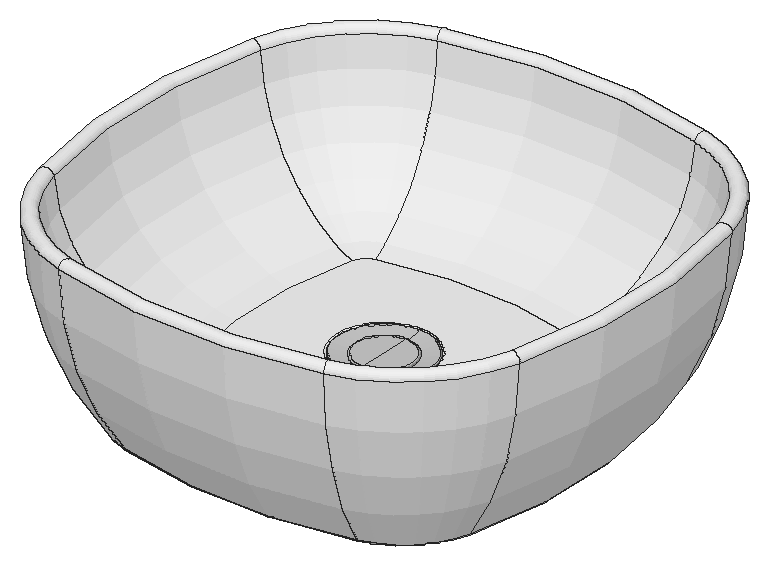
Revit family
Parameters
  Width = 405 mm  # constant formula
  Waste Connection Radius = Waste Connection Diameter / 2  # 20 mm
  Waste Connection = 1 = 1  # yes
  Vent Connection = 1 = 0  # no
  URL = "www.vaalsan.co.za"
  Product Code = "704900"
  Omniclass Title = "Sinks/Lavatories"
  Omniclass Number = "23.45.05.14.14"
  Model = "HR Symmetry Square Basin"
  Manufacturer = "Vaal Sanitaryware"  # constant formula
  Depth = 405 mm  # constant formula
  Height = 150 mm  # constant formula
  HW Connection = 1 = 0  # no
  Family created by = "www.rbuiltcomponents.com"
  Waste Connection Diameter = 40 mm  # constant formula
  CW Connection = 1 = 0  # no
  Body Finish = Vitreous China-Vaal-White
  Assembly Code = "D2010310"
Reference planes
  plane 1 "Bottom": z = 0
  plane 2 "Center (Left/Right)": x = -7.5
  plane 3: x = -210
  plane 4: x = 195
  plane 5 "Top": z = 150
  plane 6 "Front": y = -368
  plane 7 "Back": y = 37
  plane 8 "Center (Front/Back)": y = -165.5
Forms (mm)
  Sweep 1, solid, material "Vitreous China-Vaal-White" <- "Body Finish"
    path origin (0, 0, 0) x (1, 0, 0) y (0, 1, 0)
      loop
        arc (-196.491, -269.228) -> (-165.347, -323.347) -> (-111.228, -354.491) r 120
        arc (-111.228, -354.491) -> (-7.5, -368) -> (96.228, -354.491) r 405
        arc (96.228, -354.491) -> (150.347, -323.347) -> (181.491, -269.228) r 120
        arc (181.491, -269.228) -> (195, -165.5) -> (181.491, -61.772) r 405
        arc (181.491, -61.772) -> (150.347, -7.653) -> (96.228, 23.491) r 120
        arc (96.228, 23.491) -> (-7.5, 37) -> (-111.228, 23.491) r 405
        arc (-111.228, 23.491) -> (-165.347, -7.653) -> (-196.491, -61.772) r 120
        arc (-196.491, -61.772) -> (-210, -165.5) -> (-196.491, -269.228) r 405
    profile origin (-210, -165.5, 0) x (-1, 0, 0) y (0, 0, 1)
      loop
        arc (-0.074, 143.987) -> (-5.628, 149.925) -> (-11.662, 144.475) r 5.8
        arc (-11.662, 144.475) -> (-42.706, 73.035) -> (-112.5, 38.449) r 113.458
        line (-112.5, 38.449) -> (-112.5, 24) -> (-110, 24)
        arc (-110, 24) -> (-95.858, 18.142) -> (-90, 4) r 20
        line (-90, 4) -> (-90, 0) -> (-54.103, 0)
        arc (-54.103, 0) -> (-51.889, 0.517) -> (-50.132, 1.962) r 5
        arc (-50.132, 1.962) -> (-13.853, 69.009) -> (-0.074, 143.987) r 243.595
  Extrusion 2, solid, material "Vitreous China-Vaal-White" <- "Body Finish"
    sketch origin (0, 0, 0) x (1, 0, 0) y (0, 1, 0)
      loop
        arc (-109.493, -246.177) -> (-101.707, -259.707) -> (-88.177, -267.493) r 30
        arc (-88.177, -267.493) -> (-7.5, -278) -> (73.177, -267.493) r 315
        arc (73.177, -267.493) -> (86.707, -259.707) -> (94.493, -246.177) r 30
        arc (94.493, -246.177) -> (105, -165.5) -> (94.493, -84.823) r 315
        arc (94.493, -84.823) -> (86.707, -71.293) -> (73.177, -63.507) r 30
        arc (73.177, -63.507) -> (-7.5, -53) -> (-88.177, -63.507) r 315
        arc (-88.177, -63.507) -> (-101.707, -71.293) -> (-109.493, -84.823) r 30
        arc (-109.493, -84.823) -> (-120, -165.5) -> (-109.493, -246.177) r 315
    from 24 to 40
  Revolve 3, solid, material "Vitreous China-Vaal-White" <- "Body Finish"
    sketch origin (0, -165.5, 0) x (1, 0, 0) y (0, 0, 1)
      loop
        line (-7.5, 24) -> (-51.5, 24)
        arc (-51.5, 24) -> (-43.015, 20.485) -> (-39.5, 12) r 12
        line (-39.5, 12) -> (-39.5, 11)
        arc (-39.5, 11) -> (-38.914, 9.586) -> (-37.5, 9) r 2
        line (-37.5, 9) -> (-7.5, 9) -> (-7.5, 24)
      axis (-7.5, 24) -> (-7.5, 9)
    angle from 0 to 360
  Revolve 4, void
    sketch origin (0, -165.5, 0) x (1, 0, 0) y (0, 0, 1)
      loop
        line (-7.5, 40) -> (-44.328, 40)
        arc (-44.328, 40) -> (-43.563, 39.848) -> (-42.914, 39.414) r 2
        line (-42.914, 39.414) -> (-27.5, 24) -> (-27.5, 0) -> (-7.5, 0) -> (-7.5, 40)
      axis (-7.5, 40) -> (-7.5, 0)
    angle from 0 to 360
  Revolve 5, solid, material "Chrome"
    sketch origin (-7.5, 0, 0) x (0, 1, 0) y (0, 0, 1)
      loop
        line (-165.5, 36.138) -> (-165.5, 39.656) -> (-186.811, 39.656)
        arc (-186.811, 39.656) -> (-187.758, 38.977) -> (-187.418, 37.861) r 1
        line (-187.418, 37.861) -> (-200.306, 40.095)
        arc (-200.306, 40.095) -> (-200.881, 39.706) -> (-200.513, 39.117) r 0.5
        line (-200.513, 39.117) -> (-188.563, 36.138) -> (-165.5, 36.138)
      axis (-165.5, 36.138) -> (-165.5, 40.095)
    angle from 0 to 360
Cuts and joins
  Revolve 4 cuts Extrusion 2
  Revolve 4 cuts Revolve 3
  joined: Extrusion 2, Revolve 3
  Revolve 4 cuts Sweep 1
Lines and regions (mm)
  Masking region 1
    outline origin (0, 0, 150) x (-1, 0, 0) y (0, -1, 0)
      loop
        arc (196.491, 269.228) -> (165.347, 323.347) -> (111.228, 354.491) r 120
        arc (111.228, 354.491) -> (7.5, 368) -> (-96.228, 354.491) r 405
        arc (-96.228, 354.491) -> (-150.347, 323.347) -> (-181.491, 269.228) r 120
        arc (-181.491, 269.228) -> (-195, 165.5) -> (-181.491, 61.772) r 405
        arc (-181.491, 61.772) -> (-150.347, 7.653) -> (-96.228, -23.491) r 120
        arc (-96.228, -23.491) -> (7.5, -37) -> (111.228, -23.491) r 405
        arc (111.228, -23.491) -> (165.347, 7.653) -> (196.491, 61.772) r 120
        arc (196.491, 61.772) -> (210, 165.5) -> (196.491, 269.228) r 405
  Masking region 2
    outline origin (0, 37, 0) x (1, 0, 0) y (0, 0, 1)
      loop
        arc (-204.917, 150) -> (-208.5, 148.488) -> (-209.915, 144.865) r 5
        arc (-209.915, 144.865) -> (-195.821, 69.361) -> (-159.017, 1.945) r 244.718
        arc (-159.017, 1.945) -> (-157.264, 0.513) -> (-155.059, 0) r 5
        line (-155.059, 0) -> (140.059, 0)
        arc (140.059, 0) -> (142.264, 0.513) -> (144.017, 1.945) r 5
        arc (144.017, 1.945) -> (180.821, 69.361) -> (194.915, 144.865) r 244.718
        arc (194.915, 144.865) -> (193.5, 148.488) -> (189.917, 150) r 5
        line (189.917, 150) -> (-204.917, 150)
  Masking region 3
    outline origin (-7.5, 0, 0) x (0, 1, 0) y (0, 0, 1)
      loop
        line (31.951, 150) -> (-362.951, 150)
        arc (-362.951, 150) -> (-366.522, 148.499) -> (-367.949, 144.897) r 5
        arc (-367.949, 144.897) -> (-354.082, 69.277) -> (-317.017, 1.919) r 240.038
        arc (-317.017, 1.919) -> (-315.27, 0.505) -> (-313.079, 0) r 5
        line (-313.079, 0) -> (-17.921, 0)
        arc (-17.921, 0) -> (-15.73, 0.505) -> (-13.983, 1.919) r 5
        arc (-13.983, 1.919) -> (23.082, 69.277) -> (36.949, 144.897) r 240.038
        arc (36.949, 144.897) -> (35.522, 148.499) -> (31.951, 150) r 5
  symbolic lines, style "Basin", detail levels fine
    curve 1: circle (-7.5, -165.5, 150) r 20 normal (0, 0, 1)
    curve 2: circle (-7.5, -165.5, 0) r 37.5 normal (0, 0, -1)
  symbolic lines
    curve 3: arc (93.667, 13.825, 0) -> (-7.5, 27, 0) -> (-108.667, 13.825, 0) r 395
    curve 4: arc (-108.667, 13.825, 0) -> (-158.276, -14.724, 0) -> (-186.825, -64.333, 0) r 110
    curve 5: arc (-186.825, -64.333, 0) -> (-200, -165.5, 0) -> (-186.825, -266.667, 0) r 395
    curve 6: arc (-186.825, -266.667, 0) -> (-158.276, -316.276, 0) -> (-108.667, -344.825, 0) r 110
    curve 7: arc (-108.667, -344.825, 0) -> (-7.5, -358, 0) -> (93.667, -344.825, 0) r 395
    curve 8: arc (93.667, -344.825, 0) -> (143.276, -316.276, 0) -> (171.825, -266.667, 0) r 110
    curve 9: arc (171.825, -266.667, 0) -> (185, -165.5, 0) -> (171.825, -64.333, 0) r 395
    curve 10: arc (171.825, -64.333, 0) -> (143.276, -14.724, 0) -> (93.667, 13.825, 0) r 110
Dimensions and locks
  equal spacing: plane 3, plane 2 "Center (Left/Right)", plane 4
  locked: plane 3 to plane 4 at 405
  locked: plane 6 "Front" to plane 7 "Back" at 405
  locked: plane 5 "Top" to plane 1 "Bottom" at 150
  equal spacing: plane 6 "Front", plane 8 "Center (Front/Back)", plane 7 "Back"
  aligned and locked: Extrusion 2 to Sweep 1
  aligned and locked: Extrusion 2 sketch curve to Sweep 1  (x4)
  aligned and locked: Extrusion 2 to Revolve 3 sketch curve
  aligned and locked: Masking region 2 to Revolve 3 sketch curve
  aligned and locked: Revolve 3 sketch curve to plane 2 "Center (Left/Right)"
  aligned and locked: Revolve 3 sketch curve to Extrusion 2
  aligned and locked: Revolve 4 sketch curve to plane 2 "Center (Left/Right)"
  aligned and locked: Revolve 4 sketch curve to cut or joined group of Extrusion 2, Revolve 3, Revolve 4
  aligned and locked: plane 8 "Center (Front/Back)" to Revolve 5 sketch curve
  aligned and locked: Masking region 3 sketch curve to plane 5 "Top"
  aligned and locked: level to Masking region 3 sketch curve
Automatic sketch dimensions
  curve 1 to plane 2 "Center (Left/Right)" = 0 mm
  plane 7 "Back" to curve 1 = 202.5 mm
  Sweep 1 sketch curve to plane 3 = 0 mm
  Sweep 1 sketch curve to plane 2 "Center (Left/Right)" = 0 mm  (x2)
  Sweep 1 sketch curve to plane 4 = 0 mm
  Sweep 1 sketch curve to plane 6 "Front" = 0 mm
  Sweep 1 sketch curve to plane 8 "Center (Front/Back)" = 0 mm  (x2)
  Sweep 1 sketch curve to plane 7 "Back" = 0 mm
  plane 3 to Sweep 1 sketch curve = 13.509 mm  (x2)
  Sweep 1 sketch curve to Sweep 1 sketch curve = 0 mm  (x7)
  plane 7 "Back" to Sweep 1 sketch curve = 13.509 mm  (x2)
  Sweep 1 sketch curve to plane 6 "Front" = 13.509 mm  (x2)
  plane 3 to Sweep 1 sketch curve = 98.772 mm
  plane 2 "Center (Left/Right)" to Sweep 1 sketch curve = 72.994 mm  (x2)
  Sweep 1 sketch curve to plane 4 = 13.509 mm
  Sweep 1 sketch curve to plane 1 "Bottom" = 0 mm
  plane 1 "Bottom" to Sweep 1 sketch curve = 149.984 mm
  profile plane to Sweep 1 sketch curve = 243.595 mm
  Sweep 1 sketch curve to Sweep 1 sketch curve = 118.676 mm
  plane 1 "Bottom" to Sweep 1 sketch curve = 38.449 mm
  profile plane to Sweep 1 sketch curve = 112.5 mm
  plane 1 "Bottom" to Sweep 1 sketch curve = 4 mm
  Sweep 1 sketch curve to Sweep 1 sketch curve = 2.5 mm
  Sweep 1 sketch curve to Sweep 1 sketch curve = 20 mm
  Sweep 1 sketch curve to Sweep 1 sketch curve = 35.897 mm
  plane 1 "Bottom" to Sweep 1 sketch curve = 1.962 mm
  Sweep 1 sketch curve to Sweep 1 sketch curve = 3.971 mm
  profile plane to Sweep 1 sketch curve = 11.662 mm
  Sweep 1 sketch curve to Sweep 1 sketch curve = 5.79 mm
  profile plane to Sweep 1 sketch curve = 0.074 mm
  Extrusion 2 sketch curve to Extrusion 2 sketch curve = 21.316 mm
  Extrusion 2 sketch curve to Extrusion 2 sketch curve = 0 mm  (x8)
  Extrusion 2 sketch curve to Extrusion 2 sketch curve = 7.684 mm  (x3)
  Revolve 3 sketch curve to plane 2 "Center (Left/Right)" = 0 mm
  level to Revolve 3 sketch curve = 9 mm
  Revolve 3 sketch curve to plane 2 "Center (Left/Right)" = 30 mm
  Revolve 3 sketch curve to Revolve 3 sketch curve = 2 mm
  Revolve 3 sketch curve to Revolve 3 sketch curve = 44 mm
  Revolve 3 sketch curve to Revolve 3 sketch curve = 1 mm
  Revolve 3 sketch curve to Revolve 3 sketch curve = 12 mm
  Revolve 4 sketch curve to level = 0 mm
  Revolve 4 sketch curve to plane 2 "Center (Left/Right)" = 0 mm
  Revolve 4 sketch curve to Revolve 4 sketch curve = 20 mm
  Revolve 4 sketch curve to Revolve 4 sketch curve = 15.414 mm
  Revolve 4 sketch curve to Revolve 4 sketch curve = 1.414 mm
  Revolve 4 sketch curve to Revolve 4 sketch curve = 0 mm
  Revolve 4 sketch curve to level = 10.059 mm
  Revolve 4 sketch curve to Revolve 4 sketch curve = 16 mm
  Revolve 4 sketch curve to Revolve 4 sketch curve = 2 mm
  Revolve 4 sketch curve to Revolve 4 sketch curve = 0.586 mm
  Revolve 4 sketch curve to Revolve 4 sketch curve = 11.432 mm
  Revolve 5 sketch curve to plane 8 "Center (Front/Back)" = 0 mm
  Revolve 5 sketch curve to level = 0 mm
  plane 8 "Center (Front/Back)" to Revolve 5 sketch curve = 21.311 mm
  Revolve 5 sketch curve to Revolve 5 sketch curve = 0.607 mm
  Revolve 5 sketch curve to Revolve 5 sketch curve = 1.145 mm
  Revolve 5 sketch curve to Revolve 5 sketch curve = 11.744 mm
  Revolve 5 sketch curve to Revolve 5 sketch curve = 0.085 mm
  Revolve 5 sketch curve to Revolve 5 sketch curve = 0.121 mm
  level to Revolve 5 sketch curve = 36.138 mm
  Revolve 5 sketch curve to Revolve 5 sketch curve = 1.724 mm
  Revolve 5 sketch curve to Revolve 5 sketch curve = 0.795 mm
  Revolve 5 sketch curve to Revolve 5 sketch curve = 2.979 mm
  Revolve 5 sketch curve to Revolve 5 sketch curve = 0.485 mm
  Revolve 5 sketch curve to Revolve 5 sketch curve = 0.905 mm
  Masking region 1 sketch curve to plane 4 = 0 mm
  Masking region 1 sketch curve to plane 2 "Center (Left/Right)" = 0 mm  (x2)
  Masking region 1 sketch curve to plane 3 = 0 mm
  Masking region 1 sketch curve to plane 7 "Back" = 0 mm
  Masking region 1 sketch curve to plane 8 "Center (Front/Back)" = 0 mm  (x2)
  Masking region 1 sketch curve to plane 6 "Front" = 0 mm
  Masking region 1 sketch curve to plane 4 = 13.509 mm  (x2)
  Masking region 1 sketch curve to Masking region 1 sketch curve = 0 mm  (x7)
  Masking region 1 sketch curve to plane 6 "Front" = 13.509 mm  (x2)
  plane 7 "Back" to Masking region 1 sketch curve = 13.509 mm  (x2)
  Masking region 1 sketch curve to plane 2 "Center (Left/Right)" = 72.994 mm  (x2)
  plane 3 to Masking region 1 sketch curve = 13.509 mm
  curve 9 to plane 3 = 0 mm
  curve 2 to plane 2 "Center (Left/Right)" = 0 mm
  curve 3 to plane 2 "Center (Left/Right)" = 0 mm
  curve 7 to plane 2 "Center (Left/Right)" = 0 mm
  curve 5 to plane 4 = 0 mm
  curve 3 to plane 6 "Front" = 0 mm
  curve 2 to plane 8 "Center (Front/Back)" = 0 mm
  curve 5 to plane 8 "Center (Front/Back)" = 0 mm
  curve 9 to plane 8 "Center (Front/Back)" = 0 mm
  curve 7 to plane 7 "Back" = 0 mm
  plane 3 to curve 5 = 23.175 mm  (x2)
  curve 6 to curve 5 = 0 mm
  curve 4 to curve 5 = 0 mm
  curve 6 to plane 6 "Front" = 23.175 mm
  curve 6 to plane 2 "Center (Left/Right)" = 101.167 mm
  curve 7 to curve 6 = 0 mm
  plane 7 "Back" to curve 3 = 23.175 mm  (x2)
  curve 3 to plane 2 "Center (Left/Right)" = 101.167 mm
  plane 2 "Center (Left/Right)" to curve 8 = 72.994 mm
  curve 8 to curve 7 = 0 mm
  plane 8 "Center (Front/Back)" to curve 8 = 101.167 mm
  curve 9 to plane 4 = 23.175 mm  (x2)
  curve 10 to curve 3 = 0 mm
  Masking region 2 sketch curve to plane 5 "Top" = 0 mm
  Masking region 2 sketch curve to level = 0 mm
  plane 3 to Masking region 2 sketch curve = 0.085 mm
  Masking region 2 sketch curve to Masking region 2 sketch curve = 0 mm  (x3)
  Masking region 2 sketch curve to Masking region 2 sketch curve = 4.998 mm
  level to Masking region 2 sketch curve = 1.945 mm
  plane 3 to Masking region 2 sketch curve = 50.983 mm
  Masking region 2 sketch curve to Masking region 2 sketch curve = 3.958 mm  (x2)
  plane 5 "Top" to Masking region 2 sketch curve = 1.462 mm
  Masking region 2 sketch curve to plane 2 "Center (Left/Right)" = 42.214 mm
  Masking region 2 sketch curve to plane 4 = 54.941 mm
  Masking region 2 sketch curve to plane 4 = 5.083 mm
  Masking region 2 sketch curve to plane 4 = 0.085 mm
  Masking region 3 sketch curve to plane 6 "Front" = 0.051 mm
  Masking region 3 sketch curve to Masking region 3 sketch curve = 0 mm  (x2)
  Masking region 3 sketch curve to Masking region 3 sketch curve = 4.999 mm
  level to Masking region 3 sketch curve = 1.919 mm  (x2)
  Masking region 3 sketch curve to plane 6 "Front" = 50.983 mm
  Masking region 3 sketch curve to Masking region 3 sketch curve = 3.938 mm  (x2)
  Masking region 3 sketch curve to plane 5 "Top" = 0.174 mm
  plane 8 "Center (Front/Back)" to Masking region 3 sketch curve = 37.538 mm
  plane 7 "Back" to Masking region 3 sketch curve = 54.921 mm
  plane 7 "Back" to Masking region 3 sketch curve = 5.049 mm
  plane 7 "Back" to Masking region 3 sketch curve = 0.051 mm
  radius of curve 1 = 20 mm
  radius of curve 2 = 37.5 mm
Connectors
  piping at (-7.5, -165.5, 9), driven by "Waste Connection Radius"
    settings: on cut or joined group of Extrusion 2, Revolve 3, Revolve 4, index 1
